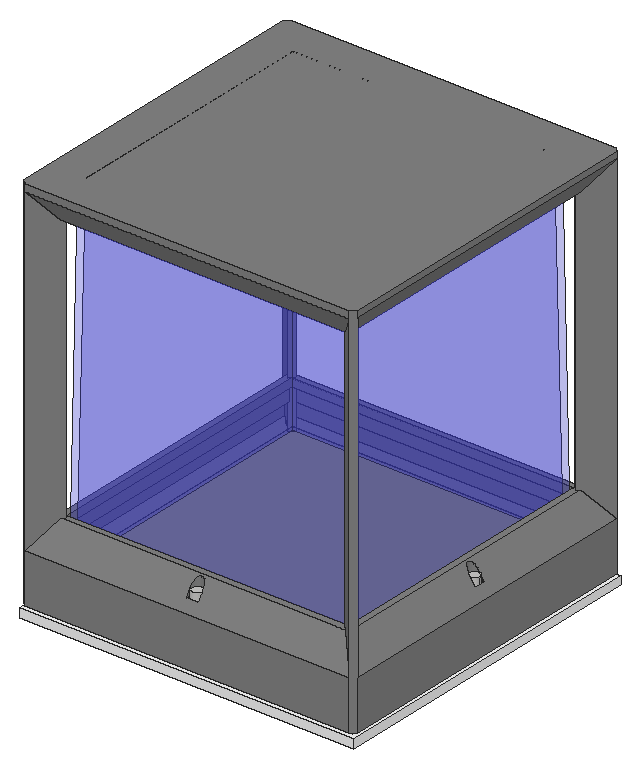
Revit family "BE_77764_de_DE", category Leuchten, Revit 2020
Family settings
  Basisbauteil = Fläche
  Bemaßung runder Anschluss = Durchmesser verwenden
  Teiletyp = Normal
  Beim Laden mit Abzugskörper schneiden = Ja
  Lichtquelle = Ja
  Gemeinsam genutzt = Nein
  Raumberechnungspunkt = Ja
Parameters (values of type "BEGA_77764_Grafit_K3")
  built-in parameter 1150104 = 10.839 (stored number, unit not read)
  Windangriffsfläche = ""
  Werkzeuglos = ""
  Wattage = 16.8 W
  Default Elevation = 0 mm
  built-in parameter 1150113 = 1 (stored number, unit not read)
  built-in parameter 1114218 = 1 (stored number, unit not read)
  Umgebungstemperatur = "25 °C"
  URL = "https://www.bega.com/de/produkt/77764"
  Typenkommentare = "© 2022 BEGA. Wir behalten uns das Recht vor, technische Änderungen ohne vorherige Ankündigung vorzunehmen."  # constant formula
  Type Image = 77764.png
  built-in parameter 1150134 = (empty or 0)
  built-in parameter 1150109 = 1 (stored number, unit not read)
  Strom = ""
  built-in parameter 1150110 = 1 (stored number, unit not read)
  Spannung = 239.996 V
  Sonderanfertigung = no
  Seriennummer [instance] = "Hier können Sie die eindeutige Seriennummer für das Facility Management eintragen."
  Schutzklasse = "I"
  Schutzart = "IP 65"
  Scheinlast = 0 VA
  Produktdatenblatt = "https://cdn.bega.com/bega/products/77764AK4/current/documents/data-sheets/de"
  Oberflächentemperatur = ""
  Neigungswinkel = 0.00°
  Modell = "77764K3"
  Material_14 = BEGA_Kunststoff_opal
  Material_06 = BEGA_Oberfläche_Edelstahl_gebürstet
  Material_02 = BEGA_Oberfläche_Silber_matt
  Material_01 [instance] = BEGA_Oberfläche_Grafit_matt
  M_W = no
  M_G = yes
  M_A = no
  Logo = 0
  built-in parameter 1114217 = 1 (stored number, unit not read)
  built-in parameter 1150139 = (empty or 0)
  built-in parameter 1150105 = 155.98 (stored number, unit not read)
  built-in parameter 1150114 = 1 (stored number, unit not read)
  Lumens = 1960.06 lm
  built-in parameter 1150115 = 1 (stored number, unit not read)
  Leuchtenlichtstrom = "926 lm"
  Leuchtenanzahl = ""
  Lebensdauerkriterien = "L70B50 @ 25 °C = 190000 h"
  Lastklassifizierung = Beleuchtung
  built-in parameter 1150112 = 1 (stored number, unit not read)
  Lampenlichtstrom = "1990 lm"
  Lampe = "LED 12 W"
  LED_Modulbezeichnung = "LED-0303/830"
  built-in parameter 1150142 = (empty or 0)
  Hersteller = "BEGA"  # constant formula
  Halbstreuwinkel = ""
  Gewicht = "18.7 kg"
  Gebrauchslageneinschränkung [instance] = ""
  Frequenz = "0/50-60 Hz"
  Farbwiedergabeindex = "CRI > 80"
  Farbtemperaturverschiebung bei Dämpfen der Lampe = <Keine Auswahl>
  Farbtemperatur = "3000 K"
  Color Filter = 16777215
  built-in parameter 1150133 = 10 (stored number, unit not read)
  Energieeffizienzklasse = "LED A++ - A"
  built-in parameter 1150137 = (empty or 0)
  built-in parameter 1150132 = (empty or 0)
  Einbau_in_Wärmedämmung = ""
  ENEC = "ja"
  Dimmbar [instance] = "DALI"
  Datei für fotometrisches Netz = "BE_77764K3.IES"
  CE_Konformität = "ja"
  Bestellnummer = "77764K3"
  Beschreibung_Sonderanfertigung = "Hier können Sie Informationen zur Sonderanfertigung eintragen."
  Beschreibung = "Lichtgestaltungselement"
  built-in parameter 1150106 = 1.5598 (stored number, unit not read)
  Belastbarkeit [instance] = ""
  Befestigungsbohrung = "Ø 9 mm"
  Befestigungsabstand = "360 x 360 mm"
  Ballwurfsicher = ""
  BEGA_Intern_aus = yes
  BEGA_Intern_an = yes
  BEGA_Intern_Konstruktion = yes
  BEGA_Intern = yes
  BEGA_IES = yes
  BEGA_Dummy = no
  Anschlussleitung = "0.2 m"
  Anschlussleistung [instance] = "15 W"
  built-in parameter 1150107 = 3000 (stored number, unit not read)
  built-in parameter 1150102 = (empty or 0)
  built-in parameter 1150138 = (empty or 0)
  Aktualisierung = "2022-05-19T04:00:07"
  Abstand_zur_angestrahlten_Fläche [instance] = ""
  AC/DC = "AC/DC"
Types (4, lengths in mm): name | built-in parameter 1150104 | built-in parameter 1150134 | Modell | M_G | M_A | built-in parameter 1150105 | Lumens | Leuchtenlichtstrom | Lampenlichtstrom | LED_Modulbezeichnung | Farbtemperatur | Datei für fotometrisches Netz | Bestellnummer | built-in parameter 1150106 | built-in parameter 1150107
  BEGA_77764_Grafit_K3 | 10.839 (stored number, unit not read) | (empty or 0) | "77764K3" | yes | no | 155.98 (stored number, unit not read) | 1960.06 lm | "926 lm" | "1990 lm" | "LED-0303/830" | "3000 K" | "BE_77764K3.IES" | "77764K3" | 1.5598 (stored number, unit not read) | 3000 (stored number, unit not read)
  BEGA_77764_Grafit_K4 | 11.669 (stored number, unit not read) | 12 | "77764K4" | yes | no | 167.91 (stored number, unit not read) | 2110.08 lm | "973 lm" | "2090 lm" | "LED-0303/840" | "4000 K" | "BE_77764K4.IES" | "77764K4" | 1.6791 (stored number, unit not read) | 4000 (stored number, unit not read)
  BEGA_77764_Silber_K4 | 11.669 (stored number, unit not read) | 12 | "77764AK4" | no | yes | 167.91 (stored number, unit not read) | 2110.08 lm | "973 lm" | "2090 lm" | "LED-0303/840" | "4000 K" | "BE_77764K4.IES" | "77764AK4" | 1.6791 (stored number, unit not read) | 4000 (stored number, unit not read)
  BEGA_77764_Silber_K3 | 10.839 (stored number, unit not read) | (empty or 0) | "77764AK3" | no | yes | 155.98 (stored number, unit not read) | 1960.06 lm | "926 lm" | "1990 lm" | "LED-0303/830" | "3000 K" | "BE_77764K3.IES" | "77764AK3" | 1.5598 (stored number, unit not read) | 3000 (stored number, unit not read)
Reference planes
  plane 1 "Mitte (Vorne/Hinten)": y = 0
  plane 2: z = 0
  plane 3 "Mitte (Links/Rechts)": x = 0
  plane 4 "Links": x = -200
  plane 5 "Rechts": x = 200
  plane 6 "Unten": y = -200
  plane 7 "Oben": y = 200
  plane 8 "Vorne": z = 457.3
Forms (mm)
  Extrusion 1, solid, material "BEGA_Platte_Weiss"
    sketch origin (0, -1119.2, 0) x (1, 0, 0) y (0, 1, 0)
      loop
        line (-200, 1319.2) -> (-200, 919.2) -> (200, 919.2) -> (200, 1319.2) -> (-200, 1319.2)
    from 0 to -10
  Extrusion 2, solid, material "BEGA_Dummy_matt", visible <- "BEGA_Dummy"
    sketch origin (80.095, -76.023, 0) x (1, 0, 0) y (0, 1, 0)
      loop
        line (-280.095, 276.023) -> (-280.095, -123.977) -> (119.905, -123.977) -> (119.905, 276.023) -> (-280.095, 276.023)
    from 0 to 457.3
Dimensions and locks
  plane 1 "Mitte (Vorne/Hinten)" to Extrusion 1 = 200 mm
  aligned and locked: plane 2 to Extrusion 1
  aligned and locked: level to Extrusion 1
Nested families
  nested 1: "BE_77764" at (0, 0, 0), type "BE_77764"
Connectors
  electrical at (0, 0, 0), driven by "Lastklassifizierung", driven by "Spannung", driven by "Scheinlast"
    settings: index 1, voltage 239.996 V, apparent load 0 VA, apparent load phase1 0 VA, apparent load phase2 0 VA, apparent load phase3 0 VA, power factor 1, load classification "Beleuchtung", number of poles 1, system type 31, power factor state 1, is connector primary yes, connector utility no, sub classification motor no, connector description ""
Definition of nested family "BE_77764"
  Parameters (values of type "BE_77764")
    Default Elevation = 1 mm
    URL = "http://www.bega.de/de/produkt"
    Type Comments = "© 2015 BEGA. Wir behalten uns das Recht vor, technische Änderungen ohne vorherige Ankündigung vorzunehmen. "  # constant formula
    Type Image = (empty or 0)
    Material_17 = none
    Material_15 = none
    Material_14 = none
    Material_11 = none
    Material_09 = none
    Material_06 = none
    Material_03 = none
    Material_02 = none
    Material_01 = none
    M_W = yes
    M_G = yes
    M_A = yes
    Länge_Platte = 200 mm  # constant formula
    Höhe_Platte = -10 mm  # constant formula
    Manufacturer = "BEGA"  # constant formula
    Breite_Platte = 200 mm  # constant formula
  Reference planes
    plane 1 "Mitte (Oben/Unten)": y = 0
    plane 2: z = 0
    plane 3 "Mitte (Links/Rechts)": x = 0
    plane 4 "Vorne": z = 457.3
    plane 5 "Hinten": z = 0
    plane 6 "Links": x = -200
    plane 7 "Rechts": x = 200
    plane 8 "Oben": y = 200
    plane 9 "Unten": y = -200
  Forms (mm)
    Extrusion 1, solid, detail levels medium
      sketch origin (0, 0, 0) x (1, 0, 0) y (0, 1, 0)
        loop
          line (-100, 100) -> (-100, -100) -> (100, -100) -> (100, 100) -> (-100, 100)
      from 0 to -10 <- "Höhe_Platte"
    Sweep 2, solid, material <- "Material_01", visible <- "M_G", detail levels medium+fine
      path origin (0, 0, 0) x (1, 0, 0) y (0, 1, 0)
        loop
          line (-191.95, 191.95) -> (-191.95, -191.95) -> (191.95, -191.95) -> (191.95, 191.95) -> (-191.95, 191.95)
      profile origin (-191.95, 0, 0) x (1, 0, 0) y (0, 0, 1)
        loop
          line (7.724, 5) -> (8.737, 34) -> (125.665, 34) -> (125.665, 39) -> (-0.35, 39) -> (-0.35, 5) -> (7.724, 5)
    Extrusion 3, solid, material <- "Material_01", visible <- "M_G", detail levels medium+fine
      sketch origin (0, 0, 0) x (1, 0, 0) y (0, 1, 0)
        loop
          line (-66.284, -66.284) -> (66.284, -66.284) -> (66.284, 66.284) -> (-66.284, 66.284) -> (-66.284, -66.284)
      from 34 to 39
    Extrusion 4, solid, material <- "Material_01", visible <- "M_G", detail levels medium+fine
      sketch origin (0, 0, 0) x (1, 0, 0) y (0, 1, 0)
        loop
          line (-192.3, -192.3) -> (-165.3, -192.3) -> (-165.3, -165.3) -> (-192.3, -165.3) -> (-192.3, -192.3)
      from 0 to 39
    Extrusion 5, solid, material <- "Material_01", visible <- "M_G", detail levels medium+fine
      sketch origin (0, 0, 0) x (-1, 0, 0) y (0, -1, 0)
        loop
          line (-192.3, 192.3) -> (-192.3, 165.3) -> (-165, 165.3) -> (-165, 192.3) -> (-192.3, 192.3)
      from 0 to 37.817
    Extrusion 6, solid, material <- "Material_01", visible <- "M_G", detail levels medium+fine
      sketch origin (0, 0, 0) x (1, 0, 0) y (0, 1, 0)
        loop
          line (-192.3, 192.3) -> (-192.3, 165.3) -> (-165.3, 165.3) -> (-165.3, 192.3) -> (-192.3, 192.3)
      from 0 to 37.817
    Extrusion 7, solid, material <- "Material_01", visible <- "M_G", detail levels medium+fine
      sketch origin (0, 0, 0) x (-1, 0, 0) y (0, -1, 0)
        loop
          line (-192.3, -192.3) -> (-165.3, -192.3) -> (-165.3, -165.3) -> (-192.3, -165.3) -> (-192.3, -192.3)
      from 0 to 37.817
    Sweep 8, solid, material <- "Material_01", visible <- "M_G", detail levels medium+fine
      path origin (0, 0, 0) x (1, 0, 0) y (0, 1, 0)
        loop
          line (-192.3, 192.3) -> (-192.3, -192.3) -> (192.3, -192.3) -> (192.3, 192.3) -> (-192.3, 192.3)
      profile origin (-192.3, 0, 0) x (1, 0, 0) y (0, 0, 1)
        loop
          line (16.4, 96.3) -> (-7.7, 63.3) -> (-7.7, 4.3) -> (-2.7, 4.3) -> (-0.607, 64.243) -> (3.452, 69.8) -> (20.378, 69.8) -> (20.378, 86.33) -> (23.539, 86.33) -> (23.539, 96.3) -> (16.4, 96.3)
    Sweep 9, solid, material <- "Material_01", visible <- "M_G", detail levels medium+fine
      path origin (0, 0, 0) x (1, 0, 0) y (0, 1, 0)
        loop
          line (-200, 200) -> (-200, -200) -> (200, -200) -> (200, 200) -> (-200, 200)
      profile origin (-200, 0, 0) x (1, 0, 0) y (0, 0, 1)
        loop
          line (63.275, 457.3) -> (0, 457.3) -> (0, 449.3) -> (24.1, 416.3) -> (35.696, 415.489) -> (37.526, 450.408)
          arc (37.526, 450.408) -> (38.148, 451.752) -> (39.523, 452.3) r 2
          line (39.523, 452.3) -> (63.275, 452.3) -> (63.275, 457.3)
    Extrusion 10, solid, material <- "Material_01", visible <- "M_G", detail levels medium+fine
      sketch origin (0, 0, 0) x (1, 0, 0) y (0, 1, 0)
        loop
          line (-136.725, -136.725) -> (136.725, -136.725) -> (136.725, 136.725) -> (-136.725, 136.725) -> (-136.725, -136.725)
      from 452.3 to 457.3
    Extrusion 11, solid, material <- "Material_01", visible <- "M_G", detail levels medium+fine
      sketch origin (0, 0, 0) x (1, 0, 0) y (0, 1, 0)
        loop
          line (-200, 194.343) -> (-172.366, 166.709) -> (-166.709, 172.366) -> (-194.343, 200) -> (-200, 200) -> (-200, 194.343)
      from 34 to 457.3
    Extrusion 12, void
      sketch origin (0, 0, 0) x (1, 0, 0) y (0, 1, 0)
        loop
          line (-194.343, 200) -> (-200, 200) -> (-200, 194.343) -> (-194.343, 200)
      from 0 to 465.944
    Sweep 13, solid, material <- "Material_14", detail levels medium+fine
      path origin (0, 0, 0) x (1, 0, 0) y (0, 1, 0)
        loop
          line (-195, -195) -> (195, -195) -> (195, 195) -> (-195, 195) -> (-195, -195)
      profile origin (-195, 0, 0) x (-1, 0, 0) y (0, 0, 1)
        loop
          line (-38.6, 445.57) -> (-33, 44.5) -> (-28, 44.57) -> (-33.669, 450.57) -> (-58.275, 450.57) -> (-58.275, 445.57) -> (-38.6, 445.57)
    Extrusion 14, solid, material <- "Material_14", detail levels medium+fine
      sketch origin (0, 0, 0) x (1, 0, 0) y (0, 1, 0)
        loop
          line (-136.725, 136.725) -> (-136.725, -136.725) -> (136.725, -136.725) -> (136.725, 136.725) -> (-136.725, 136.725)
      from 445.57 to 450.57
    Extrusion 15, solid, material <- "Material_01", visible <- "M_G", detail levels medium+fine
      sketch origin (0, 0, 0) x (-1, 0, 0) y (0, -1, 0)
        loop
          line (-200, -194.343) -> (-200, -200) -> (-194.343, -200) -> (-166.709, -172.366) -> (-172.366, -166.709) -> (-200, -194.343)
      from 34 to 457.3
    Extrusion 16, solid, material <- "Material_01", visible <- "M_G", detail levels medium+fine
      sketch origin (0, 0, 0) x (1, 0, 0) y (0, 1, 0)
        loop
          line (-200, -194.343) -> (-200, -200) -> (-194.343, -200) -> (-166.709, -172.366) -> (-172.366, -166.709) -> (-200, -194.343)
      from 34 to 457.3
    Extrusion 17, solid, material <- "Material_01", visible <- "M_G", detail levels medium+fine
      sketch origin (0, 0, 0) x (-1, 0, 0) y (0, -1, 0)
        loop
          line (-200, 194.343) -> (-172.366, 166.709) -> (-166.709, 172.366) -> (-194.343, 200) -> (-200, 200) -> (-200, 194.343)
      from 34 to 457.3
    Extrusion 18, void
      sketch origin (0, 0, 0) x (-1, 0, 0) y (0, -1, 0)
        loop
          line (-194.343, -200) -> (-200, -194.343) -> (-200, -200) -> (-194.343, -200)
      from 0 to 465.944
    Extrusion 19, void
      sketch origin (0, 0, 0) x (1, 0, 0) y (0, 1, 0)
        loop
          line (-194.343, -200) -> (-200, -194.343) -> (-200, -200) -> (-194.343, -200)
      from 0 to 465.944
    Extrusion 20, void
      sketch origin (0, 0, 0) x (-1, 0, 0) y (0, -1, 0)
        loop
          line (-194.343, 200) -> (-200, 200) -> (-200, 194.343) -> (-194.343, 200)
      from 0 to 465.944
    Sweep 21, solid, material <- "Material_02", visible <- "M_A", detail levels medium+fine
      path origin (0, 0, 0) x (1, 0, 0) y (0, 1, 0)
        loop
          line (-191.95, 191.95) -> (-191.95, -191.95) -> (191.95, -191.95) -> (191.95, 191.95) -> (-191.95, 191.95)
      profile origin (-191.95, 0, 0) x (1, 0, 0) y (0, 0, 1)
        loop
          line (7.724, 5) -> (8.737, 34) -> (125.665, 34) -> (125.665, 39) -> (-0.35, 39) -> (-0.35, 5) -> (7.724, 5)
    Extrusion 22, solid, material <- "Material_02", visible <- "M_A", detail levels medium+fine
      sketch origin (0, 0, 0) x (1, 0, 0) y (0, 1, 0)
        loop
          line (-66.284, -66.284) -> (66.284, -66.284) -> (66.284, 66.284) -> (-66.284, 66.284) -> (-66.284, -66.284)
      from 34 to 39
    Extrusion 23, solid, material <- "Material_02", visible <- "M_A", detail levels medium+fine
      sketch origin (0, 0, 0) x (1, 0, 0) y (0, 1, 0)
        loop
          line (-192.3, -192.3) -> (-165.3, -192.3) -> (-165.3, -165.3) -> (-192.3, -165.3) -> (-192.3, -192.3)
      from 0 to 39
    Extrusion 24, solid, material <- "Material_02", visible <- "M_A", detail levels medium+fine
      sketch origin (0, 0, 0) x (-1, 0, 0) y (0, -1, 0)
        loop
          line (-192.3, 192.3) -> (-192.3, 165.3) -> (-165, 165.3) -> (-165, 192.3) -> (-192.3, 192.3)
      from 0 to 37.817
    Extrusion 25, solid, material <- "Material_02", visible <- "M_A", detail levels medium+fine
      sketch origin (0, 0, 0) x (1, 0, 0) y (0, 1, 0)
        loop
          line (-192.3, 192.3) -> (-192.3, 165.3) -> (-165.3, 165.3) -> (-165.3, 192.3) -> (-192.3, 192.3)
      from 0 to 37.817
    Extrusion 26, solid, material <- "Material_02", visible <- "M_A", detail levels medium+fine
      sketch origin (0, 0, 0) x (-1, 0, 0) y (0, -1, 0)
        loop
          line (-192.3, -192.3) -> (-165.3, -192.3) -> (-165.3, -165.3) -> (-192.3, -165.3) -> (-192.3, -192.3)
      from 0 to 37.817
    Sweep 27, solid, material <- "Material_02", visible <- "M_A", detail levels medium+fine
      path origin (0, 0, 0) x (1, 0, 0) y (0, 1, 0)
        loop
          line (-192.3, 192.3) -> (-192.3, -192.3) -> (192.3, -192.3) -> (192.3, 192.3) -> (-192.3, 192.3)
      profile origin (-192.3, 0, 0) x (1, 0, 0) y (0, 0, 1)
        loop
          line (16.4, 96.3) -> (-7.7, 63.3) -> (-7.7, 4.3) -> (-2.7, 4.3) -> (-0.607, 64.243) -> (3.452, 69.8) -> (20.378, 69.8) -> (20.378, 86.33) -> (23.539, 86.33) -> (23.539, 96.3) -> (16.4, 96.3)
    Sweep 28, solid, material <- "Material_02", visible <- "M_A", detail levels medium+fine
      path origin (0, 0, 0) x (1, 0, 0) y (0, 1, 0)
        loop
          line (-200, 200) -> (-200, -200) -> (200, -200) -> (200, 200) -> (-200, 200)
      profile origin (-200, 0, 0) x (1, 0, 0) y (0, 0, 1)
        loop
          line (63.275, 457.3) -> (0, 457.3) -> (0, 449.3) -> (24.1, 416.3) -> (35.696, 415.489) -> (37.526, 450.408)
          arc (37.526, 450.408) -> (38.148, 451.752) -> (39.523, 452.3) r 2
          line (39.523, 452.3) -> (63.275, 452.3) -> (63.275, 457.3)
    Extrusion 29, solid, material <- "Material_02", visible <- "M_A", detail levels medium+fine
      sketch origin (0, 0, 0) x (1, 0, 0) y (0, 1, 0)
        loop
          line (-136.725, -136.725) -> (136.725, -136.725) -> (136.725, 136.725) -> (-136.725, 136.725) -> (-136.725, -136.725)
      from 452.3 to 457.3
    Extrusion 30, solid, material <- "Material_02", visible <- "M_A", detail levels medium+fine
      sketch origin (0, 0, 0) x (1, 0, 0) y (0, 1, 0)
        loop
          line (-200, 194.343) -> (-172.366, 166.709) -> (-166.709, 172.366) -> (-194.343, 200) -> (-200, 200) -> (-200, 194.343)
      from 34 to 457.3
    Extrusion 31, void
      sketch origin (0, 0, 0) x (1, 0, 0) y (0, 1, 0)
        loop
          line (-194.343, 200) -> (-200, 200) -> (-200, 194.343) -> (-194.343, 200)
      from 0 to 465.944
    Extrusion 32, solid, material <- "Material_02", visible <- "M_A", detail levels medium+fine
      sketch origin (0, 0, 0) x (-1, 0, 0) y (0, -1, 0)
        loop
          line (-200, -194.343) -> (-200, -200) -> (-194.343, -200) -> (-166.709, -172.366) -> (-172.366, -166.709) -> (-200, -194.343)
      from 34 to 457.3
    Extrusion 33, solid, material <- "Material_02", visible <- "M_A", detail levels medium+fine
      sketch origin (0, 0, 0) x (1, 0, 0) y (0, 1, 0)
        loop
          line (-200, -194.343) -> (-200, -200) -> (-194.343, -200) -> (-166.709, -172.366) -> (-172.366, -166.709) -> (-200, -194.343)
      from 34 to 457.3
    Extrusion 34, solid, material <- "Material_02", visible <- "M_A", detail levels medium+fine
      sketch origin (0, 0, 0) x (-1, 0, 0) y (0, -1, 0)
        loop
          line (-200, 194.343) -> (-172.366, 166.709) -> (-166.709, 172.366) -> (-194.343, 200) -> (-200, 200) -> (-200, 194.343)
      from 34 to 457.3
    Extrusion 35, void
      sketch origin (0, 0, 0) x (-1, 0, 0) y (0, -1, 0)
        loop
          line (-194.343, -200) -> (-200, -194.343) -> (-200, -200) -> (-194.343, -200)
      from 0 to 465.944
    Extrusion 36, void
      sketch origin (0, 0, 0) x (1, 0, 0) y (0, 1, 0)
        loop
          line (-194.343, -200) -> (-200, -194.343) -> (-200, -200) -> (-194.343, -200)
      from 0 to 465.944
    Extrusion 37, void
      sketch origin (0, 0, 0) x (-1, 0, 0) y (0, -1, 0)
        loop
          line (-194.343, 200) -> (-200, 200) -> (-200, 194.343) -> (-194.343, 200)
      from 0 to 465.944
    Extrusion 38, void
      sketch origin (0, 0, 0) x (1, 0, 0) y (0, 1, 0)
        loop
          circle (50, -100) r 7.5
        loop
          circle (100, -100) r 7.5
      from 0 to 42.3
    Extrusion 39, void
      sketch origin (0, 0, 0) x (1, 0, 0) y (0, 1, 0)
        loop
          circle (180, 180) r 4.5
        loop
          circle (-180, 180) r 4.5
        loop
          circle (180, -180) r 4.5
        loop
          circle (-180, -180) r 4.5
      from 0 to 39
    Extrusion 40, void
      sketch origin (0, 0, 0) x (1, 0, 0) y (0, 1, 0)
        loop
          arc (-184.5, -7.25) -> (-177.25, 0) -> (-184.5, 7.25) r 7.25
          line (-184.5, 7.25) -> (-203.083, 7.25) -> (-203.083, -7.25) -> (-184.5, -7.25)
        loop
          line (184.5, -7.25) -> (203.083, -7.25) -> (203.083, 7.25) -> (184.5, 7.25)
          arc (184.5, 7.25) -> (177.25, 0) -> (184.5, -7.25) r 7.25
        loop
          arc (-7.25, 184.5) -> (0, 177.25) -> (7.25, 184.5) r 7.25
          line (7.25, 184.5) -> (7.25, 203.083) -> (-7.25, 203.083) -> (-7.25, 184.5)
        loop
          line (-7.25, -184.5) -> (-7.25, -203.083) -> (7.25, -203.083) -> (7.25, -184.5)
          arc (7.25, -184.5) -> (0, -177.25) -> (-7.25, -184.5) r 7.25
      from 75.092 to 98.779
    Extrusion 41, solid, material <- "Material_06", detail levels fine
      sketch origin (0, 0, 0) x (1, 0, 0) y (0, 1, 0)
        loop
          circle (-184.5, 0) r 6.5
        loop
          circle (184.5, 0) r 6.5
        loop
          circle (0, 184.5) r 6.5
        loop
          circle (0, -184.5) r 6.5
      from 75.092 to 83.018
  Cuts and joins
    Extrusion 38, Extrusion 39, Extrusion 40 cuts Sweep 2
    Extrusion 38, Extrusion 39, Extrusion 40 cuts Extrusion 3
    Extrusion 38, Extrusion 39, Extrusion 40 cuts Extrusion 4
    Extrusion 38, Extrusion 39, Extrusion 40 cuts Extrusion 5
    Extrusion 38, Extrusion 39, Extrusion 40 cuts Extrusion 6
    Extrusion 38, Extrusion 39, Extrusion 40 cuts Extrusion 7
    joined: Sweep 2, Extrusion 3, Extrusion 4, Extrusion 5, Extrusion 6, Extrusion 7
    Extrusion 12, Extrusion 18, Extrusion 19, Extrusion 20, Extrusion 31, Extrusion 35, Extrusion 36, Extrusion 37, Extrusion 39, Extrusion 40 cuts Sweep 8
    Extrusion 12, Extrusion 18, Extrusion 19, Extrusion 20, Extrusion 31, Extrusion 35, Extrusion 36, Extrusion 37, Extrusion 39, Extrusion 40 cuts Sweep 9
    Extrusion 12, Extrusion 18, Extrusion 19, Extrusion 20, Extrusion 31, Extrusion 35, Extrusion 36, Extrusion 37, Extrusion 39, Extrusion 40 cuts Extrusion 10
    Extrusion 12, Extrusion 18, Extrusion 19, Extrusion 20, Extrusion 31, Extrusion 35, Extrusion 36, Extrusion 37, Extrusion 39, Extrusion 40 cuts Extrusion 11
    Extrusion 18, Extrusion 19, Extrusion 20, Extrusion 31, Extrusion 35, Extrusion 36, Extrusion 37, Extrusion 39, Extrusion 40 cuts Extrusion 15
    Extrusion 18, Extrusion 19, Extrusion 20, Extrusion 31, Extrusion 35, Extrusion 36, Extrusion 37, Extrusion 39, Extrusion 40 cuts Extrusion 16
    Extrusion 18, Extrusion 19, Extrusion 20, Extrusion 31, Extrusion 35, Extrusion 36, Extrusion 37, Extrusion 39, Extrusion 40 cuts Extrusion 17
    joined: Sweep 8, Sweep 9, Extrusion 10, Extrusion 11, Extrusion 15, Extrusion 16, Extrusion 17
    joined: Sweep 13, Extrusion 14
    Extrusion 38, Extrusion 39, Extrusion 40 cuts Sweep 21
    Extrusion 38, Extrusion 39, Extrusion 40 cuts Extrusion 22
    Extrusion 38, Extrusion 39, Extrusion 40 cuts Extrusion 23
    Extrusion 38, Extrusion 39, Extrusion 40 cuts Extrusion 24
    Extrusion 38, Extrusion 39, Extrusion 40 cuts Extrusion 25
    Extrusion 38, Extrusion 39, Extrusion 40 cuts Extrusion 26
    joined: Sweep 21, Extrusion 22, Extrusion 23, Extrusion 24, Extrusion 25, Extrusion 26
    Extrusion 31, Extrusion 35, Extrusion 36, Extrusion 37, Extrusion 39, Extrusion 40 cuts Sweep 27
    Extrusion 31, Extrusion 35, Extrusion 36, Extrusion 37, Extrusion 39, Extrusion 40 cuts Sweep 28
    Extrusion 31, Extrusion 35, Extrusion 36, Extrusion 37, Extrusion 39, Extrusion 40 cuts Extrusion 29
    Extrusion 31, Extrusion 35, Extrusion 36, Extrusion 37, Extrusion 39, Extrusion 40 cuts Extrusion 30
    Extrusion 31, Extrusion 35, Extrusion 36, Extrusion 37, Extrusion 39, Extrusion 40 cuts Extrusion 32
    Extrusion 31, Extrusion 35, Extrusion 36, Extrusion 37, Extrusion 39, Extrusion 40 cuts Extrusion 33
    Extrusion 31, Extrusion 35, Extrusion 36, Extrusion 37, Extrusion 39, Extrusion 40 cuts Extrusion 34
    joined: Sweep 27, Sweep 28, Extrusion 29, Extrusion 30, Extrusion 32, Extrusion 33, Extrusion 34
  Dimensions and locks
    equal spacing: Extrusion 1 sketch curve, plane 3 "Mitte (Links/Rechts)", Extrusion 1 sketch curve
    equal spacing: Extrusion 1 sketch curve, plane 1 "Mitte (Oben/Unten)", Extrusion 1 sketch curve
    "Länge_Platte": Extrusion 1 sketch curve to Extrusion 1 sketch curve
    "Breite_Platte": Extrusion 1 sketch curve to Extrusion 1 sketch curve
    plane 6 "Links" to Extrusion 4 = 34.7 mm
    aligned and locked: plane 2 to Extrusion 1
    aligned and locked: level to Extrusion 1
  Automatic sketch dimensions
    plane 6 "Links" to Sweep 2 sketch curve = 8.05 mm
    Sweep 2 sketch curve to plane 7 "Rechts" = 8.05 mm
    plane 9 "Unten" to Sweep 2 sketch curve = 8.05 mm
    Sweep 2 sketch curve to plane 8 "Oben" = 8.05 mm
    profile plane to Sweep 2 sketch curve = 0.35 mm
    Sweep 2 sketch curve to profile plane = 7.724 mm
    Sweep 2 sketch curve to profile plane = 8.737 mm
    level to Sweep 2 sketch curve = 39 mm
    Sweep 2 sketch curve to Sweep 2 sketch curve = 116.928 mm
    Sweep 2 sketch curve to Sweep 2 sketch curve = 5 mm
    level to Sweep 2 sketch curve = 5 mm
    Extrusion 3 sketch curve to plane 3 "Mitte (Links/Rechts)" = 66.284 mm
    plane 3 "Mitte (Links/Rechts)" to Extrusion 3 sketch curve = 66.284 mm
    plane 1 "Mitte (Oben/Unten)" to Extrusion 3 sketch curve = 66.284 mm
    Extrusion 3 sketch curve to plane 1 "Mitte (Oben/Unten)" = 66.284 mm
    plane 6 "Links" to Extrusion 4 sketch curve = 7.7 mm
    Extrusion 4 sketch curve to Extrusion 4 sketch curve = 27 mm  (x2)
    plane 9 "Unten" to Extrusion 4 sketch curve = 7.7 mm
    plane 7 "Rechts" to Extrusion 5 sketch curve = 7.7 mm
    Extrusion 5 sketch curve to Extrusion 5 sketch curve = 27.3 mm
    Extrusion 5 sketch curve to plane 9 "Unten" = 7.7 mm
    Extrusion 5 sketch curve to Extrusion 5 sketch curve = 27 mm
    Extrusion 6 sketch curve to plane 6 "Links" = 7.7 mm
    Extrusion 6 sketch curve to Extrusion 6 sketch curve = 27 mm  (x2)
    plane 8 "Oben" to Extrusion 6 sketch curve = 7.7 mm
    Extrusion 7 sketch curve to plane 7 "Rechts" = 7.7 mm
    Extrusion 7 sketch curve to Extrusion 7 sketch curve = 27 mm  (x2)
    Extrusion 7 sketch curve to plane 8 "Oben" = 7.7 mm
    plane 6 "Links" to Sweep 8 sketch curve = 7.7 mm
    Sweep 8 sketch curve to plane 7 "Rechts" = 7.7 mm
    plane 9 "Unten" to Sweep 8 sketch curve = 7.7 mm
    Sweep 8 sketch curve to plane 8 "Oben" = 7.7 mm
    profile plane to Sweep 8 sketch curve = 7.7 mm
    profile plane to Sweep 8 sketch curve = 2.7 mm
    profile plane to Sweep 8 sketch curve = 0.607 mm
    Sweep 8 sketch curve to profile plane = 3.452 mm
    Sweep 8 sketch curve to profile plane = 16.4 mm
    Sweep 8 sketch curve to Sweep 8 sketch curve = 3.978 mm
    Sweep 8 sketch curve to Sweep 8 sketch curve = 7.139 mm
    level to Sweep 8 sketch curve = 4.3 mm
    Sweep 8 sketch curve to Sweep 8 sketch curve = 59 mm
    Sweep 8 sketch curve to Sweep 8 sketch curve = 0.943 mm
    Sweep 8 sketch curve to Sweep 8 sketch curve = 5.557 mm
    Sweep 8 sketch curve to Sweep 8 sketch curve = 16.53 mm
    Sweep 8 sketch curve to Sweep 8 sketch curve = 9.97 mm
    Sweep 9 sketch curve to plane 6 "Links" = 0 mm
    Sweep 9 sketch curve to plane 9 "Unten" = 0 mm
    plane 7 "Rechts" to Sweep 9 sketch curve = 0 mm
    plane 8 "Oben" to Sweep 9 sketch curve = 0 mm
    profile plane to Sweep 9 sketch curve = 0 mm
    Sweep 9 sketch curve to profile plane = 24.1 mm
    Sweep 9 sketch curve to Sweep 9 sketch curve = 11.596 mm
    Sweep 9 sketch curve to Sweep 9 sketch curve = 1.83 mm
    Sweep 9 sketch curve to Sweep 9 sketch curve = 1.997 mm
    Sweep 9 sketch curve to Sweep 9 sketch curve = 23.752 mm
    level to Sweep 9 sketch curve = 415.489 mm
    Sweep 9 sketch curve to Sweep 9 sketch curve = 0.811 mm
    Sweep 9 sketch curve to Sweep 9 sketch curve = 33 mm
    Sweep 9 sketch curve to Sweep 9 sketch curve = 34.811 mm
    Sweep 9 sketch curve to Sweep 9 sketch curve = 0.108 mm
    Sweep 9 sketch curve to Sweep 9 sketch curve = 8 mm
    plane 6 "Links" to Extrusion 10 sketch curve = 63.275 mm
    Extrusion 10 sketch curve to plane 7 "Rechts" = 63.275 mm
    plane 9 "Unten" to Extrusion 10 sketch curve = 63.275 mm
    Extrusion 10 sketch curve to plane 8 "Oben" = 63.275 mm
    Extrusion 11 sketch curve to plane 6 "Links" = 0 mm
    Extrusion 11 sketch curve to plane 8 "Oben" = 0 mm
    plane 6 "Links" to Extrusion 11 sketch curve = 5.657 mm
    plane 6 "Links" to Extrusion 11 sketch curve = 27.634 mm
    Extrusion 11 sketch curve to plane 8 "Oben" = 27.634 mm
    Extrusion 11 sketch curve to Extrusion 11 sketch curve = 5.657 mm
    Extrusion 12 sketch curve to plane 6 "Links" = 0 mm
    plane 8 "Oben" to Extrusion 12 sketch curve = 0 mm
    plane 6 "Links" to Extrusion 12 sketch curve = 5.657 mm
    Extrusion 12 sketch curve to plane 8 "Oben" = 5.657 mm
    plane 6 "Links" to Sweep 13 sketch curve = 5 mm
    Sweep 13 sketch curve to plane 7 "Rechts" = 5 mm
    plane 9 "Unten" to Sweep 13 sketch curve = 5 mm
    Sweep 13 sketch curve to plane 8 "Oben" = 5 mm
    profile plane to Sweep 13 sketch curve = 58.275 mm
    Sweep 13 sketch curve to Sweep 13 sketch curve = 19.676 mm
    Sweep 13 sketch curve to Sweep 13 sketch curve = 4.931 mm
    profile plane to Sweep 13 sketch curve = 33 mm
    Sweep 13 sketch curve to Sweep 13 sketch curve = 5 mm  (x2)
    level to Sweep 13 sketch curve = 44.5 mm
    Sweep 13 sketch curve to Sweep 13 sketch curve = 0.07 mm
    Sweep 13 sketch curve to Sweep 13 sketch curve = 401.07 mm
    plane 6 "Links" to Extrusion 14 sketch curve = 63.275 mm
    Extrusion 14 sketch curve to plane 7 "Rechts" = 63.275 mm
    plane 9 "Unten" to Extrusion 14 sketch curve = 63.275 mm
    Extrusion 14 sketch curve to plane 8 "Oben" = 63.275 mm
    Extrusion 15 sketch curve to plane 7 "Rechts" = 0 mm
    Extrusion 15 sketch curve to plane 8 "Oben" = 0 mm
    plane 7 "Rechts" to Extrusion 15 sketch curve = 5.657 mm
    plane 7 "Rechts" to Extrusion 15 sketch curve = 27.634 mm
    plane 8 "Oben" to Extrusion 15 sketch curve = 27.634 mm
    Extrusion 15 sketch curve to Extrusion 15 sketch curve = 5.657 mm
    Extrusion 16 sketch curve to plane 6 "Links" = 0 mm
    Extrusion 16 sketch curve to plane 9 "Unten" = 0 mm
    Extrusion 16 sketch curve to plane 6 "Links" = 5.657 mm
    Extrusion 16 sketch curve to plane 6 "Links" = 27.634 mm
    Extrusion 16 sketch curve to plane 9 "Unten" = 27.634 mm
    Extrusion 16 sketch curve to Extrusion 16 sketch curve = 5.657 mm
    Extrusion 17 sketch curve to plane 7 "Rechts" = 0 mm
    Extrusion 17 sketch curve to plane 9 "Unten" = 0 mm
    Extrusion 17 sketch curve to plane 7 "Rechts" = 5.657 mm
    Extrusion 17 sketch curve to plane 7 "Rechts" = 27.634 mm
    plane 9 "Unten" to Extrusion 17 sketch curve = 27.634 mm
    Extrusion 17 sketch curve to Extrusion 17 sketch curve = 5.657 mm
    Extrusion 18 sketch curve to plane 7 "Rechts" = 0 mm
    Extrusion 18 sketch curve to plane 8 "Oben" = 0 mm
    plane 7 "Rechts" to Extrusion 18 sketch curve = 5.657 mm
    plane 8 "Oben" to Extrusion 18 sketch curve = 5.657 mm
    Extrusion 19 sketch curve to plane 6 "Links" = 0 mm
    plane 9 "Unten" to Extrusion 19 sketch curve = 0 mm
    Extrusion 19 sketch curve to plane 6 "Links" = 5.657 mm
    Extrusion 19 sketch curve to plane 9 "Unten" = 5.657 mm
    Extrusion 20 sketch curve to plane 7 "Rechts" = 0 mm
    Extrusion 20 sketch curve to plane 9 "Unten" = 0 mm
    Extrusion 20 sketch curve to plane 7 "Rechts" = 5.657 mm
    plane 9 "Unten" to Extrusion 20 sketch curve = 5.657 mm
    plane 6 "Links" to Sweep 21 sketch curve = 8.05 mm
    Sweep 21 sketch curve to plane 7 "Rechts" = 8.05 mm
    plane 9 "Unten" to Sweep 21 sketch curve = 8.05 mm
    Sweep 21 sketch curve to plane 8 "Oben" = 8.05 mm
    profile plane to Sweep 21 sketch curve = 0.35 mm
    Sweep 21 sketch curve to profile plane = 7.724 mm
    Sweep 21 sketch curve to profile plane = 8.737 mm
    level to Sweep 21 sketch curve = 39 mm
    Sweep 21 sketch curve to Sweep 21 sketch curve = 116.928 mm
    Sweep 21 sketch curve to Sweep 21 sketch curve = 5 mm
    level to Sweep 21 sketch curve = 5 mm
    Extrusion 22 sketch curve to plane 3 "Mitte (Links/Rechts)" = 66.284 mm
    plane 3 "Mitte (Links/Rechts)" to Extrusion 22 sketch curve = 66.284 mm
    plane 1 "Mitte (Oben/Unten)" to Extrusion 22 sketch curve = 66.284 mm
    Extrusion 22 sketch curve to plane 1 "Mitte (Oben/Unten)" = 66.284 mm
    plane 6 "Links" to Extrusion 23 sketch curve = 7.7 mm
    Extrusion 23 sketch curve to Extrusion 23 sketch curve = 27 mm  (x2)
    plane 9 "Unten" to Extrusion 23 sketch curve = 7.7 mm
    plane 7 "Rechts" to Extrusion 24 sketch curve = 7.7 mm
    Extrusion 24 sketch curve to Extrusion 24 sketch curve = 27.3 mm
    Extrusion 24 sketch curve to plane 9 "Unten" = 7.7 mm
    Extrusion 24 sketch curve to Extrusion 24 sketch curve = 27 mm
    Extrusion 25 sketch curve to plane 6 "Links" = 7.7 mm
    Extrusion 25 sketch curve to Extrusion 25 sketch curve = 27 mm  (x2)
    plane 8 "Oben" to Extrusion 25 sketch curve = 7.7 mm
    Extrusion 26 sketch curve to plane 7 "Rechts" = 7.7 mm
    Extrusion 26 sketch curve to Extrusion 26 sketch curve = 27 mm  (x2)
    Extrusion 26 sketch curve to plane 8 "Oben" = 7.7 mm
    plane 6 "Links" to Sweep 27 sketch curve = 7.7 mm
    Sweep 27 sketch curve to plane 7 "Rechts" = 7.7 mm
    plane 9 "Unten" to Sweep 27 sketch curve = 7.7 mm
    Sweep 27 sketch curve to plane 8 "Oben" = 7.7 mm
    profile plane to Sweep 27 sketch curve = 7.7 mm
    profile plane to Sweep 27 sketch curve = 2.7 mm
    profile plane to Sweep 27 sketch curve = 0.607 mm
    Sweep 27 sketch curve to profile plane = 3.452 mm
    Sweep 27 sketch curve to profile plane = 16.4 mm
    Sweep 27 sketch curve to Sweep 27 sketch curve = 3.978 mm
    Sweep 27 sketch curve to Sweep 27 sketch curve = 7.139 mm
    level to Sweep 27 sketch curve = 4.3 mm
    Sweep 27 sketch curve to Sweep 27 sketch curve = 59 mm
    Sweep 27 sketch curve to Sweep 27 sketch curve = 0.943 mm
    Sweep 27 sketch curve to Sweep 27 sketch curve = 5.557 mm
    Sweep 27 sketch curve to Sweep 27 sketch curve = 16.53 mm
    Sweep 27 sketch curve to Sweep 27 sketch curve = 9.97 mm
    Sweep 28 sketch curve to plane 6 "Links" = 0 mm
    Sweep 28 sketch curve to plane 9 "Unten" = 0 mm
    plane 7 "Rechts" to Sweep 28 sketch curve = 0 mm
    plane 8 "Oben" to Sweep 28 sketch curve = 0 mm
    profile plane to Sweep 28 sketch curve = 0 mm
    Sweep 28 sketch curve to profile plane = 24.1 mm
    Sweep 28 sketch curve to Sweep 28 sketch curve = 11.596 mm
    Sweep 28 sketch curve to Sweep 28 sketch curve = 1.83 mm
    Sweep 28 sketch curve to Sweep 28 sketch curve = 1.997 mm
    Sweep 28 sketch curve to Sweep 28 sketch curve = 23.752 mm
    level to Sweep 28 sketch curve = 415.489 mm
    Sweep 28 sketch curve to Sweep 28 sketch curve = 0.811 mm
    Sweep 28 sketch curve to Sweep 28 sketch curve = 33 mm
    Sweep 28 sketch curve to Sweep 28 sketch curve = 34.811 mm
    Sweep 28 sketch curve to Sweep 28 sketch curve = 0.108 mm
    Sweep 28 sketch curve to Sweep 28 sketch curve = 8 mm
    plane 6 "Links" to Extrusion 29 sketch curve = 63.275 mm
    Extrusion 29 sketch curve to plane 7 "Rechts" = 63.275 mm
    plane 9 "Unten" to Extrusion 29 sketch curve = 63.275 mm
    Extrusion 29 sketch curve to plane 8 "Oben" = 63.275 mm
    Extrusion 30 sketch curve to plane 6 "Links" = 0 mm
    Extrusion 30 sketch curve to plane 8 "Oben" = 0 mm
    plane 6 "Links" to Extrusion 30 sketch curve = 5.657 mm
    plane 6 "Links" to Extrusion 30 sketch curve = 27.634 mm
    Extrusion 30 sketch curve to plane 8 "Oben" = 27.634 mm
    Extrusion 30 sketch curve to Extrusion 30 sketch curve = 5.657 mm
    Extrusion 31 sketch curve to plane 6 "Links" = 0 mm
    plane 8 "Oben" to Extrusion 31 sketch curve = 0 mm
    plane 6 "Links" to Extrusion 31 sketch curve = 5.657 mm
    Extrusion 31 sketch curve to plane 8 "Oben" = 5.657 mm
    Extrusion 32 sketch curve to plane 7 "Rechts" = 0 mm
    Extrusion 32 sketch curve to plane 8 "Oben" = 0 mm
    plane 7 "Rechts" to Extrusion 32 sketch curve = 5.657 mm
    plane 7 "Rechts" to Extrusion 32 sketch curve = 27.634 mm
    plane 8 "Oben" to Extrusion 32 sketch curve = 27.634 mm
    Extrusion 32 sketch curve to Extrusion 32 sketch curve = 5.657 mm
    Extrusion 33 sketch curve to plane 6 "Links" = 0 mm
    Extrusion 33 sketch curve to plane 9 "Unten" = 0 mm
    Extrusion 33 sketch curve to plane 6 "Links" = 5.657 mm
    Extrusion 33 sketch curve to plane 6 "Links" = 27.634 mm
    Extrusion 33 sketch curve to plane 9 "Unten" = 27.634 mm
    Extrusion 33 sketch curve to Extrusion 33 sketch curve = 5.657 mm
    Extrusion 34 sketch curve to plane 7 "Rechts" = 0 mm
    Extrusion 34 sketch curve to plane 9 "Unten" = 0 mm
    Extrusion 34 sketch curve to plane 7 "Rechts" = 5.657 mm
    Extrusion 34 sketch curve to plane 7 "Rechts" = 27.634 mm
    plane 9 "Unten" to Extrusion 34 sketch curve = 27.634 mm
    Extrusion 34 sketch curve to Extrusion 34 sketch curve = 5.657 mm
    Extrusion 35 sketch curve to plane 7 "Rechts" = 0 mm
    Extrusion 35 sketch curve to plane 8 "Oben" = 0 mm
    plane 7 "Rechts" to Extrusion 35 sketch curve = 5.657 mm
    plane 8 "Oben" to Extrusion 35 sketch curve = 5.657 mm
    Extrusion 36 sketch curve to plane 6 "Links" = 0 mm
    plane 9 "Unten" to Extrusion 36 sketch curve = 0 mm
    Extrusion 36 sketch curve to plane 6 "Links" = 5.657 mm
    Extrusion 36 sketch curve to plane 9 "Unten" = 5.657 mm
    Extrusion 37 sketch curve to plane 7 "Rechts" = 0 mm
    Extrusion 37 sketch curve to plane 9 "Unten" = 0 mm
    Extrusion 37 sketch curve to plane 7 "Rechts" = 5.657 mm
    plane 9 "Unten" to Extrusion 37 sketch curve = 5.657 mm
    plane 3 "Mitte (Links/Rechts)" to Extrusion 38 sketch curve = 50 mm
    Extrusion 38 sketch curve to Extrusion 38 sketch curve = 50 mm
    plane 1 "Mitte (Oben/Unten)" to Extrusion 38 sketch curve = 100 mm
    Extrusion 38 sketch curve to Extrusion 38 sketch curve = 0 mm
    plane 1 "Mitte (Oben/Unten)" to Extrusion 40 sketch curve = 0 mm  (x2)
    Extrusion 40 sketch curve to plane 3 "Mitte (Links/Rechts)" = 0 mm  (x2)
    Extrusion 40 sketch curve to plane 9 "Unten" = 3.083 mm
    Extrusion 40 sketch curve to plane 3 "Mitte (Links/Rechts)" = 7.25 mm  (x2)
    plane 8 "Oben" to Extrusion 40 sketch curve = 3.083 mm
    plane 6 "Links" to Extrusion 40 sketch curve = 15.5 mm
    Extrusion 40 sketch curve to plane 6 "Links" = 3.083 mm
    Extrusion 40 sketch curve to plane 7 "Rechts" = 15.5 mm
    plane 7 "Rechts" to Extrusion 40 sketch curve = 3.083 mm
    plane 9 "Unten" to Extrusion 40 sketch curve = 15.5 mm
    plane 1 "Mitte (Oben/Unten)" to Extrusion 40 sketch curve = 7.25 mm  (x2)
    Extrusion 40 sketch curve to plane 8 "Oben" = 15.5 mm
    Extrusion 40 sketch curve to Extrusion 40 sketch curve = 0 mm
    radius of Extrusion 38 sketch curve = 7.5 mm  (x2)
